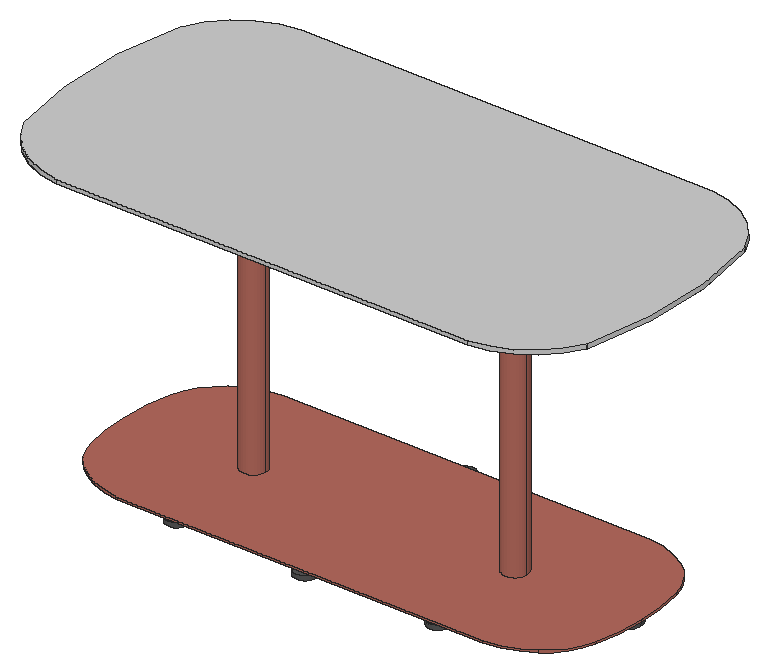
Revit family "Haworth_Pip_Table_Collaborative", category Furniture, Revit 2018
Family settings
  OmniClass Number = 23.40.20.00
  OmniClass Title = General Furniture and Specialties
  Work Plane-Based = No
  Always vertical = Yes
  Cut with Voids When Loaded = No
  Shared = No
  Room Calculation Point = No
Parameters (values of type "30d 54w 28h")
  Warranty = "http://www.haworth.com/resources/product-info/warranties"
  Version = "1"  # constant formula
  URL - Product = "http://www.haworth.com/products/"
  URL = "http://www.haworth.com/"
  Table Finish [instance] = Haworth _ Paint _ Putty
  Size = "Verify Final Dim. w/ Haworth"  # constant formula
  Model = "Haworth Pip Table Collaborative - 30d 54w 28h"
  Manufacturer = "Haworth"  # constant formula
  Glide Finish = Haworth _ Polymer _ Black
  Description = "Haworth Pip Community Table"
  Base Finish [instance] = Haworth _ Paint _ Rusty Red
  Author = "Haworth (Bentzen)"  # constant formula
  Assembly Code = "E2020200"
  Actual Width = 1' - 9"  # constant formula
  Actual Height = 2' - 2"  # constant formula
  Actual Depth = 1' - 1"  # constant formula
Reference planes (in)
  plane 1: z = 0
  plane 2: z = 25.2842
  plane 3: z = 25.34995
  plane 4: y = 31.71864
  plane 5: x = -61.72351
  plane 6: x = -73.73139
  plane 7: y = 31.71864
  plane 8: y = 31.71864
  plane 9: x = -73.73138
  plane 10: y = 31.71863
  plane 11: y = 31.71863
  plane 12: x = -61.79667
  plane 13: y = 31.71863
  plane 14: y = 31.71863
  plane 15: y = 31.71864
  plane 16: x = -84.40068
  plane 17: x = -61.72351
  plane 18: y = 31.71864
  plane 19: y = 46.68415
  plane 20: y = 16.75313
  plane 21: x = -88.72262
  plane 22: x = -34.72441
  plane 23: z = 27.99701
Forms (in)
  Extrusion 1, solid, material "Haworth _ Paint _ Putty" <- "Table Finish"
    sketch origin (0, 0, 0) x (1, 0, 0) y (0, 1, 0)
      loop
        arc (-80.5909, 45.76094) -> (-84.75634, 44.1977) -> (-87.58595, 40.76435) r 8.61305
        arc (-87.58595, 40.76435) -> (-87.59436, 40.74347) -> (-87.60086, 40.72192) r 0.25
        arc (-87.60086, 40.72192) -> (-88.72262, 31.71864) -> (-87.60086, 22.71536) r 36.69132
        arc (-87.60086, 22.71536) -> (-87.59436, 22.6938) -> (-87.58595, 22.67292) r 0.25
        arc (-87.58595, 22.67292) -> (-84.75634, 19.23957) -> (-80.5909, 17.67634) r 8.61305
        arc (-80.5909, 17.67634) -> (-61.72351, 16.75313) -> (-42.85612, 17.67634) r 193.25563
        arc (-42.85612, 17.67634) -> (-38.69068, 19.23957) -> (-35.86108, 22.67292) r 8.61305
        arc (-35.86108, 22.67292) -> (-35.85266, 22.6938) -> (-35.84616, 22.71536) r 0.25
        arc (-35.84616, 22.71536) -> (-34.72441, 31.71864) -> (-35.84616, 40.72192) r 36.69132
        arc (-35.84616, 40.72192) -> (-35.85266, 40.74347) -> (-35.86108, 40.76435) r 0.25
        arc (-35.86108, 40.76435) -> (-38.69068, 44.1977) -> (-42.85612, 45.76094) r 8.61305
        arc (-42.85612, 45.76094) -> (-61.72351, 46.68415) -> (-80.5909, 45.76094) r 193.25563
    from 27.60589 to 27.99701
  Blend 2, solid, material "Haworth _ Paint _ Putty" <- "Table Finish"
    base sketch origin (0, 0, 0) x (1, 0, 0) y (0, 1, 0)
      loop
        arc (-42.85612, 45.76094) -> (-61.72351, 46.68415) -> (-80.5909, 45.76094) r 193.25563
        arc (-80.5909, 45.76094) -> (-84.75634, 44.1977) -> (-87.58595, 40.76435) r 8.61305
        arc (-87.58595, 40.76435) -> (-87.59436, 40.74347) -> (-87.60086, 40.72192) r 0.25
        arc (-87.60086, 40.72192) -> (-88.72262, 31.71864) -> (-87.60086, 22.71536) r 36.69132
        arc (-87.60086, 22.71536) -> (-87.59436, 22.6938) -> (-87.58595, 22.67292) r 0.25
        arc (-87.58595, 22.67292) -> (-84.75634, 19.23957) -> (-80.5909, 17.67634) r 8.61305
        arc (-80.5909, 17.67634) -> (-61.72351, 16.75313) -> (-42.85612, 17.67634) r 193.25563
        arc (-42.85612, 17.67634) -> (-38.69068, 19.23957) -> (-35.86108, 22.67292) r 8.61305
        arc (-35.86108, 22.67292) -> (-35.85266, 22.6938) -> (-35.84616, 22.71536) r 0.25
        arc (-35.84616, 22.71536) -> (-34.72441, 31.71864) -> (-35.84616, 40.72192) r 36.69132
        arc (-35.84616, 40.72192) -> (-35.85266, 40.74347) -> (-35.86108, 40.76435) r 0.25
        arc (-35.86108, 40.76435) -> (-38.69068, 44.1977) -> (-42.85612, 45.76094) r 8.61305
    top sketch origin (0, 0, 0) x (1, 0, 0) y (0, 1, 0)
      loop
        arc (-43.05138, 43.7705) -> (-61.72351, 44.68415) -> (-80.39564, 43.7705) r 191.25563
        arc (-80.39564, 43.7705) -> (-83.5212, 42.62141) -> (-85.69047, 40.0948) r 6.61305
        arc (-85.69047, 40.0948) -> (-85.70086, 40.07036) -> (-85.70859, 40.04496) r 0.25
        arc (-85.70859, 40.04496) -> (-86.72262, 31.71864) -> (-85.70859, 23.39232) r 34.69132
        arc (-85.70859, 23.39232) -> (-85.70086, 23.36692) -> (-85.69047, 23.34247) r 0.25
        arc (-85.69047, 23.34247) -> (-83.5212, 20.81587) -> (-80.39564, 19.66678) r 6.61305
        arc (-80.39564, 19.66678) -> (-61.72351, 18.75313) -> (-43.05138, 19.66678) r 191.25563
        arc (-43.05138, 19.66678) -> (-39.92583, 20.81587) -> (-37.75655, 23.34247) r 6.61305
        arc (-37.75655, 23.34247) -> (-37.74617, 23.36692) -> (-37.73843, 23.39232) r 0.25
        arc (-37.73843, 23.39232) -> (-36.72441, 31.71864) -> (-37.73843, 40.04496) r 34.69132
        arc (-37.73843, 40.04496) -> (-37.74617, 40.07036) -> (-37.75655, 40.0948) r 0.25
        arc (-37.75655, 40.0948) -> (-39.92583, 42.62141) -> (-43.05138, 43.7705) r 6.61305
    from 27.60589 to 26.81701
  Extrusion 3, solid, material "Haworth _ Paint _ Rusty Red" <- "Base Finish"
    sketch origin (0, 0, 0) x (1, 0, 0) y (0, 1, 0)
      loop
        arc (-80.01138, 38.49864) -> (-80.36494, 38.35219) -> (-80.51139, 37.99864) r 0.5
        line (-80.51139, 37.99864) -> (-80.51139, 25.43864)
        arc (-80.51139, 25.43864) -> (-80.36494, 25.08509) -> (-80.01138, 24.93864) r 0.5
        line (-80.01138, 24.93864) -> (-67.45139, 24.93864)
        arc (-67.45139, 24.93864) -> (-67.09783, 25.08509) -> (-66.95138, 25.43864) r 0.5
        line (-66.95138, 25.43864) -> (-66.95138, 37.99864)
        arc (-66.95138, 37.99864) -> (-67.09783, 38.35219) -> (-67.45139, 38.49864) r 0.5
        line (-67.45139, 38.49864) -> (-80.01138, 38.49864)
      loop
        arc (-56.49564, 25.43864) -> (-56.34919, 25.08509) -> (-55.99564, 24.93864) r 0.5
        line (-55.99564, 24.93864) -> (-43.43564, 24.93864)
        arc (-43.43564, 24.93864) -> (-43.08208, 25.08509) -> (-42.93564, 25.43864) r 0.5
        line (-42.93564, 25.43864) -> (-42.93564, 37.99864)
        arc (-42.93564, 37.99864) -> (-43.08208, 38.35219) -> (-43.43564, 38.49864) r 0.5
        line (-43.43564, 38.49864) -> (-55.99564, 38.49864)
        arc (-55.99564, 38.49864) -> (-56.34919, 38.35219) -> (-56.49564, 37.99864) r 0.5
        line (-56.49564, 37.99864) -> (-56.49564, 25.43864)
    from 26.6295 to 26.81701
  Extrusion 4, solid, material "Haworth _ Paint _ Rusty Red" <- "Base Finish"
    sketch origin (0, 0, 0) x (1, 0, 0) y (0, 1, 0)
      loop
        circle (-73.73138, 31.71864) r 1.12285
      loop
        circle (-49.71564, 31.71864) r 1.12285
    from 0.5625 to 26.6295
  Extrusion 5, solid, material "Haworth _ Paint _ Rusty Red" <- "Base Finish"
    sketch origin (0, 0, 0) x (1, 0, 0) y (0, 1, 0)
      loop
        arc (-78.56049, 41.26242) -> (-80.66416, 40.81506) -> (-82.57897, 39.83575) r 8.19446
        arc (-82.57897, 39.83575) -> (-84.10316, 38.31316) -> (-84.99126, 36.35033) r 6
        arc (-84.99126, 36.35033) -> (-85.40294, 34.05169) -> (-85.50304, 31.71863) r 17.39631
        arc (-85.50304, 31.71863) -> (-85.40294, 29.38556) -> (-84.99126, 27.08692) r 17.39631
        arc (-84.99126, 27.08692) -> (-84.10316, 25.12409) -> (-82.57897, 23.6015) r 6
        arc (-82.57897, 23.6015) -> (-80.66416, 22.62219) -> (-78.56049, 22.17483) r 8.19446
        arc (-78.56049, 22.17483) -> (-61.79667, 21.52133) -> (-45.03286, 22.17483) r 215.34103
        arc (-45.03286, 22.17483) -> (-42.92919, 22.62219) -> (-41.01438, 23.6015) r 8.19446
        arc (-41.01438, 23.6015) -> (-39.49019, 25.12409) -> (-38.60209, 27.08692) r 6
        arc (-38.60209, 27.08692) -> (-38.19041, 29.38556) -> (-38.09031, 31.71863) r 17.39631
        arc (-38.09031, 31.71863) -> (-38.19041, 34.05169) -> (-38.60209, 36.35033) r 17.39631
        arc (-38.60209, 36.35033) -> (-39.49019, 38.31316) -> (-41.01438, 39.83575) r 6
        arc (-41.01438, 39.83575) -> (-42.92919, 40.81506) -> (-45.03286, 41.26242) r 8.19446
        arc (-45.03286, 41.26242) -> (-61.79667, 41.91592) -> (-78.56049, 41.26242) r 215.34103
    from 0.375 to 0.5625
  Extrusion 6, solid, material "Haworth _ Polymer _ Black" <- "Glide Finish"
    sketch origin (0, 0, 0) x (1, 0, 0) y (0, 1, 0)
      loop
        circle (-84.40068, 31.71864) r 1
      loop
        circle (-73.73138, 40.4588) r 1
      loop
        circle (-61.72351, 40.77376) r 1
      loop
        circle (-49.71564, 40.4588) r 1
      loop
        circle (-39.12509, 31.71864) r 1
      loop
        circle (-49.71564, 22.97848) r 1
      loop
        circle (-61.72351, 22.66352) r 1
      loop
        circle (-73.73138, 22.97848) r 1
    from 0 to 0.375
Lines and regions (in)
  Masking region 1
    outline origin (0, 0, 0) x (1, 0, 0) y (0, 1, 0)
      loop
        arc (-80.5909, 45.76094) -> (-84.75634, 44.1977) -> (-87.58595, 40.76435) r 8.61305
        arc (-87.58595, 40.76435) -> (-87.59436, 40.74347) -> (-87.60086, 40.72192) r 0.25
        arc (-87.60086, 40.72192) -> (-88.72262, 31.71864) -> (-87.60086, 22.71536) r 36.69132
        arc (-87.60086, 22.71536) -> (-87.59436, 22.6938) -> (-87.58595, 22.67292) r 0.25
        arc (-87.58595, 22.67292) -> (-84.75634, 19.23957) -> (-80.5909, 17.67634) r 8.61305
        arc (-80.5909, 17.67634) -> (-61.72351, 16.75313) -> (-42.85612, 17.67634) r 193.25563
        arc (-42.85612, 17.67634) -> (-38.69068, 19.23957) -> (-35.86108, 22.67292) r 8.61305
        arc (-35.86108, 22.67292) -> (-35.85266, 22.6938) -> (-35.84616, 22.71536) r 0.25
        arc (-35.84616, 22.71536) -> (-34.72441, 31.71864) -> (-35.84616, 40.72192) r 36.69132
        arc (-35.84616, 40.72192) -> (-35.85266, 40.74347) -> (-35.86108, 40.76435) r 0.25
        arc (-35.86108, 40.76435) -> (-38.69068, 44.1977) -> (-42.85612, 45.76094) r 8.61305
        arc (-42.85612, 45.76094) -> (-61.72351, 46.68415) -> (-80.5909, 45.76094) r 193.25563
Dimensions and locks (in)
  plane 21 to plane 22 = 4' - 5.99821"
  plane 19 to plane 20 = 2' - 5.93102"
  plane 23 to level = 2' - 3.99701"
  aligned and locked: level to plane 1
